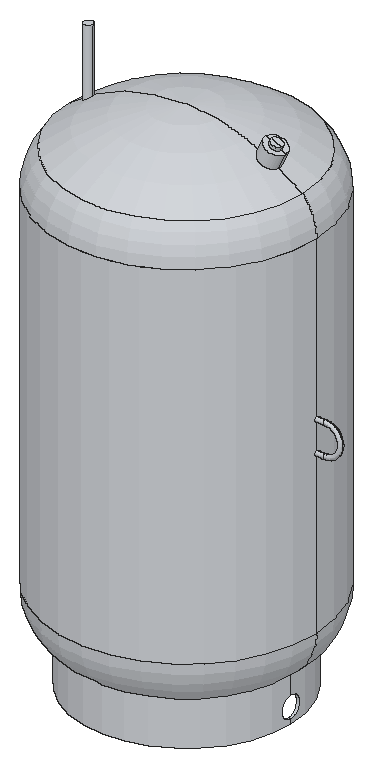
Revit family
Parameters (values of type "AX-260V 125# W.P.")
  Weight = "467"
  Tank Volume = "158.5 Gallons"
  Tank Only = 58.000"
  Tank Height = 59.688"
  Tank Diameter = "30"
  Pipe to CL of Tank = 11.250"
  Pipe Connector Diameter = Pipe Connection Radius * 2  # 1.250"
  Pipe Connection Radius = 0.625"
  Model = "AX-260V"
  Maximum Acceptance Volume = "56 Gallons"
  Max Operating Temp = "240 Deg F"
  Max Operating Pressure = "125 PSI"
  Manufacturer = "Amtrol"
  Lifting Ring Location = (Tank Only / 2) + 1.688"  # 30.688"
  Floor to Bottom of Tank = 0.688"
  Bladder/Diaphragm = "Diaphragm"
  ASME = no
Types (5): name | Weight | Tank Volume | Tank Only | Tank Height | Model | Maximum Acceptance Volume | Max Operating Pressure | Lifting Ring Location
  (no name) | "467" | "158.5 Gallons" | 58.000" | 59.688" | "AX-260V" | "56 Gallons" | "125 PSI" | 30.688"
  AX-260V 125# W.P. | "467" | "158.5 Gallons" | 58.000" | 59.688" | "AX-260V" | "56 Gallons" | "125 PSI" | 30.688"
  AX-260V 150# W.P. 10 BAR | "467" | "158.5 Gallons" | 58.000" | 59.688" | "AX-260V" | "56 Gallons" | "150 PSI" | 30.688"
  AX-280V 125# W.P. | "605" | "211 Gallons" | 75.750" | 77.438" | "AX-280V" | "84 Gallons" | "125 PSI" | 39.563"
  AX-280V 150# W.P. 10 BAR | "605" | "211 Gallons" | 75.750" | 77.438" | "AX-280V" | "84 Gallons" | "150 PSI" | 39.563"
Reference planes (in)
  plane 1 "Center (Front/Back)": y = 0
  plane 2: z = 0
  plane 3 "Center (Left/Right)": x = 0
Forms (in)
  Revolve 1, solid
    sketch origin (0, 0, 0) x (1, 0, 0) y (0, 0, 1)
      loop
        line (0, 59.688) -> (0, 1.688)
        arc (0, 1.688) -> (6.28392, 2.57577) -> (12.07928, 5.16216) r 22.787
        arc (12.07928, 5.16216) -> (14.187, 7.38644) -> (14.95353, 10.35332) r 6.125
        line (14.95353, 10.35332) -> (14.95353, 50.97447)
        arc (14.95353, 50.97447) -> (14.54228, 53.18097) -> (13.36377, 55.09117) r 6.125
        arc (13.36377, 55.09117) -> (7.04725, 58.45177) -> (0, 59.688) r 22.787
      axis (0, 59.688) -> (0, 1.688)
    angle from 0 to 360
  Revolve 2, solid
    sketch origin (0, 0, 0) x (1, 0, 0) y (0, 0, 1)
      loop
        line (11.99523, 0) -> (11.99523, 5.3439) -> (11.74523, 5.3439) -> (11.74523, 0) -> (11.99523, 0)
      axis (0, 0) -> (0, 5.3439)
    angle from 0 to 360
  Sweep 3, void
    path origin (0, 0, 0) x (1, 0, 0) y (0, 0, 1)
      loop
        line (12.875, 1.75) -> (7.875, 1.75)
    profile origin (10.375, 0, 1.75) x (0, 0, -1) y (0, -1, 0)
      loop
        circle (0, 0) r 1.25
  Sweep 4, solid
    path origin (0, 0, 0) x (1, 0, 0) y (0, 0, 1)
      loop
        line (-11.25, 55.09117) -> (-11.25, 64.00365)
    profile origin (-11.25, 0, 59.54741) x (-1, 0, 0) y (0, -1, 0)
      loop
        circle (0, 0) r 0.5
  Revolve 5, solid
    sketch origin (0, 0, 0) x (1, 0, 0) y (0, 0, 1)
      loop
        line (9.48829, 57.29064) -> (10.63437, 56.75621) -> (11.41523, 58.43078) -> (10.85251, 58.69318) -> (11.011, 59.03304) -> (10.42764, 59.30507) -> (9.48829, 57.29064)
      axis (9.48829, 57.29064) -> (10.42764, 59.30507)
    angle from 0 to 360
  Sweep 6, solid
    path origin (0, 0, 0) x (1, 0, 0) y (0, 0, 1)
      loop
        line (14.99569, 32.438) -> (15.99569, 32.438)
        arc (15.99569, 32.438) -> (17.74569, 30.688) -> (15.99569, 28.938) r 1.75
        line (15.99569, 28.938) -> (14.99569, 28.938)
    profile origin (15.49569, 0, 32.438) x (0, 0, 1) y (0, -1, 0)
      loop
        circle (0, 0) r 0.25
Cuts and joins
  Sweep 3 cuts Revolve 2
Lines and regions (in)
  reference lines
    curve 1: line (0, 0, 5.17942) -> (1.5, 0, 5.17942)
Dimensions and locks (in)
  "Tank Only": Revolve 1 sketch curve to Revolve 1 sketch curve
  locked: Revolve 2 to Sweep 3 sketch curve at 1.75
  "Tank Height": Revolve 1 sketch curve to level
  Revolve 1 sketch curve to Revolve 1 sketch curve = 16.80762"
  "Pipe to CL of Tank": plane 3 "Center (Left/Right)" to Sweep 4 sketch curve
  locked: Sweep 4 sketch curve to Revolve 1
  Revolve 5 sketch curve to Revolve 1 = 2.19947"
  Revolve 5 sketch curve to Revolve 1 = 1.66504"
  Revolve 5 sketch curve to Revolve 5 sketch curve = 1.84768"
  locked: Revolve 5 sketch curve to Revolve 5 sketch curve at 2.22268
  "Lifting Ring Location": Sweep 6 sketch curve to cut or joined group of Revolve 2, Sweep 3
  radius of Revolve 1 sketch curve = 6.125"
  radius of Revolve 1 sketch curve = 22.787"  (x2)
  aligned and locked: Revolve 5 sketch curve to Revolve 5 sketch curve  (x2)
Automatic sketch dimensions
  Revolve 2 sketch curve to plane 3 "Center (Left/Right)" = 0.000"
  Revolve 2 sketch curve to level = 0.000"
  plane 3 "Center (Left/Right)" to Revolve 2 sketch curve = 11.74523"
  Revolve 2 sketch curve to Revolve 2 sketch curve = 0.250"
  Revolve 2 sketch curve to level = 0.73742"
  level to Revolve 2 sketch curve = 5.3439"
  level to Revolve 2 sketch curve = 9.0291"
  plane 3 "Center (Left/Right)" to Sweep 3 sketch curve = 7.875"
  Sweep 3 sketch curve to Sweep 3 sketch curve = 5.000"
  Sweep 3 sketch curve to plane 1 "Center (Front/Back)" = 0.000"
  Sweep 3 sketch curve to profile plane = 0.000"
  curve 1 to plane 3 "Center (Left/Right)" = 0.000"
  plane 3 "Center (Left/Right)" to curve 1 = 1.500"
  level to curve 1 = 5.17942"
  Revolve 1 sketch curve to plane 3 "Center (Left/Right)" = 0.000"  (x2)
  Revolve 1 sketch curve to level = 0.000"
  Revolve 1 sketch curve to plane 3 "Center (Left/Right)" = 0.36472"
  Revolve 1 sketch curve to plane 3 "Center (Left/Right)" = 0.01458"
  Revolve 1 sketch curve to Revolve 1 sketch curve = 6.125"
  Revolve 1 sketch curve to Revolve 1 sketch curve = 1.58976"
  Revolve 1 sketch curve to Revolve 1 sketch curve = 2.87425"
  Revolve 1 sketch curve to Revolve 1 sketch curve = 0.000"
  Revolve 1 sketch curve to Revolve 1 sketch curve = 9.67414"
  plane 1 "Center (Front/Back)" to Sweep 4 sketch curve = 0.000"
  Sweep 4 sketch curve to profile plane = 0.000"
  plane 3 "Center (Left/Right)" to Revolve 5 sketch curve = 9.48829"
  Revolve 5 sketch curve to Revolve 5 sketch curve = 0.93934"
  Revolve 5 sketch curve to Revolve 5 sketch curve = 0.56272"
  Revolve 5 sketch curve to Revolve 5 sketch curve = 0.79174"
  Revolve 5 sketch curve to Revolve 5 sketch curve = 0.000"
  Revolve 5 sketch curve to Revolve 5 sketch curve = 1.69789"
  plane 3 "Center (Left/Right)" to Sweep 6 sketch curve = 14.99569"
  Sweep 6 sketch curve to Sweep 6 sketch curve = 0.000"
  Sweep 6 sketch curve to Sweep 6 sketch curve = 1.000"
  Sweep 6 sketch curve to Sweep 6 sketch curve = 1.750"
  Sweep 6 sketch curve to plane 1 "Center (Front/Back)" = 0.000"
  profile plane to Sweep 6 sketch curve = 0.000"
  Sweep 4 sketch curve to Sweep 4 sketch curve = 8.91248"
  radius of Sweep 3 sketch curve = 1.250"
  radius of Sweep 4 sketch curve = 0.500"
  radius of Sweep 6 sketch curve = 0.250"
Connectors (in)
  piping at (-11.25, 0, 64.00365), driven by "Pipe Connection Radius"
    settings: on Sweep 4, index 1
